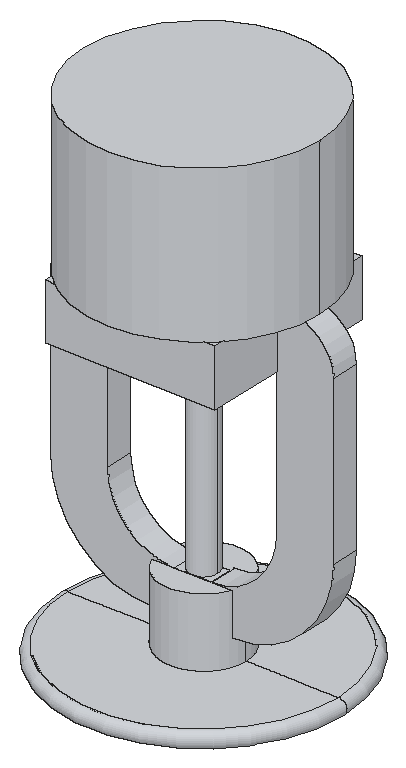
Revit family
Parameters (values of type "RASCO F1-300 PENDENT")
  Temperature Rating = 155 °F
  Response = (empty or 0)
  RASCO SIN # = "R5512"
  RASCO Part # = "FP1LC3"
  Pressure Rating = "300 PSI"
  Pressure Class = 1
  Orifice Size = 17/32"
  Orifice = (empty or 0)
  Model = "F1-300"
  Manufacturer = "RASCO"
  K-Factor = 8
  Description = "Chrome Finish"
  Coverage = (empty or 0)
Reference planes (in)
  plane 1 "Center (Front/Back)": y = 0
  plane 2: z = 0
  plane 3 "Center (Left/Right)": x = 0
Dimensions and locks (in)
  aligned and locked: plane 2 to level
Nested families (in)
  nested 1: "FP1LC3" at (-0.01148, 0, 2.4375) x (-1, 0, 0) z (0, 0, -1), type "RASCO F1-300 PENDENT"
Connectors (in)
  piping at (-0.01148, 0, 2.4375)
    settings: on nested 1, index 1, connector radius 1/2", flow factor 0, pipe flow 0 GPM, pressure drop 0.00 psi, fitting loss kfactor 0, connector angle 0.00°, fixture units 0, flow configuration 0, flow direction 0, fitting loss method 0, system type 7, connector reference index -1, connector utility 0, adjustable connector no, is connector primary yes, fitting loss table "", connector description ""
Definition of nested family "FP1LC3"
  Parameters (values of type "RASCO F1-300 PENDENT")
    Type Comments = ""
    Temperature Rating = 0 °F
    Response = (empty or 0)
    Pressure Rating = "0"
    Pressure Class = (empty or 0)
    Orifice Size = 0"
    Orifice = (empty or 0)
    Model = ""
    Manufacturer = ""
    K-Factor = 0
    Description = ""
    Coverage = (empty or 0)
    Assembly Code = ""
  Reference planes (in)
    plane 1 "Center (Front/Back)": y = 0
    plane 2: z = 0
    plane 3 "ref.2": z = 0.6875
    plane 4 "ref.3": z = 0.9375
    plane 5: x = -0.38065
    plane 6: x = 0.36935
    plane 7 "ref. side 1": y = 0.06402
    plane 8 "ref. side 2": y = -0.06098
    plane 9 "ref.4": z = 1.875
    plane 10 "ref.5": z = 2.3125
    plane 11 "ref.6": z = 2.4375
  Forms (in)
    Extrusion 1, solid
      sketch origin (0, 0, 0) x (1, 0, 0) y (0, 1, 0)
        loop
          circle (0, 0) r 0.5221
      from 0 to 0.6875
    Extrusion 2, solid
      sketch origin (-0.12185, 0.05177, 0.6875) x (1, 0, 0) y (0, 1, 0)
        loop
          line (-0.2588, 0.356) -> (-0.2588, -0.4565) -> (0.4912, -0.4565) -> (0.4912, 0.356) -> (-0.2588, 0.356)
      from 0 to 0.25
    Extrusion 3, solid
      sketch origin (0, 0, 0) x (1, 0, 0) y (0, 0, 1)
        loop
          line (-0.38065, 0.69674) -> (-0.38065, 1.58397)
          arc (-0.38065, 1.58397) -> (-0.29541, 1.78976) -> (-0.08962, 1.875) r 0.29103
          line (-0.08962, 1.875) -> (0.07524, 1.875)
          arc (0.07524, 1.875) -> (0.28321, 1.78886) -> (0.36935, 1.58089) r 0.29411
          line (0.36935, 1.58089) -> (0.36935, 0.69728)
          arc (0.36935, 0.69728) -> (0.54046, 0.72329) -> (0.61935, 0.87734) r 0.18984
          line (0.61935, 0.87734) -> (0.61935, 1.61676)
          arc (0.61935, 1.61676) -> (0.48879, 1.93194) -> (0.17361, 2.0625) r 0.44574
          line (0.17361, 2.0625) -> (-0.18509, 2.0625)
          arc (-0.18509, 2.0625) -> (-0.50015, 1.932) -> (-0.63065, 1.61694) r 0.44556
          line (-0.63065, 1.61694) -> (-0.63065, 0.87876)
          arc (-0.63065, 0.87876) -> (-0.55196, 0.72414) -> (-0.38065, 0.69674) r 0.19126
      from -0.06402 to 0.06098
    Extrusion 4, solid
      sketch origin (0, 0, 0.9375) x (-1, 0, 0) y (0, -1, 0)
        loop
          circle (0.00574, -0.00152) r 0.0625
      from 0 to 0.9375
    Extrusion 5, solid
      sketch origin (0, 0, 1.875) x (-1, 0, 0) y (0, -1, 0)
        loop
          circle (0.00574, -0.00152) r 0.1875
      from 0 to 0.4375
    Revolve 6, solid
      sketch origin (0, 0, -0.2777) x (1, 0, 0) y (0, 0, 1)
        loop
          line (-0.19324, 2.45591) -> (-0.19324, 2.52696) -> (-0.60424, 2.52696)
          arc (-0.60424, 2.52696) -> (-0.63976, 2.49144) -> (-0.60424, 2.45591) r 0.03553
          line (-0.60424, 2.45591) -> (-0.19324, 2.45591)
        axis (-0.00574, 2.45591) -> (-0.00574, 2.52696)
      angle from 0 to 360
  Cuts and joins
    joined: Extrusion 1, Extrusion 2, Extrusion 4, Revolve 6
  Lines and regions (in)
    model lines
      curve 1: line (-0.00574, 0.06402, 1.875) -> (-0.00574, -0.06098, 1.875)
  Dimensions and locks (in)
    Extrusion 3 to Extrusion 3 = 0' - 1 1/4"
    Extrusion 5 to cut or joined group of Extrusion 1, Extrusion 2, Extrusion 4, Revolve 6 = 0' - 2 5/16"
